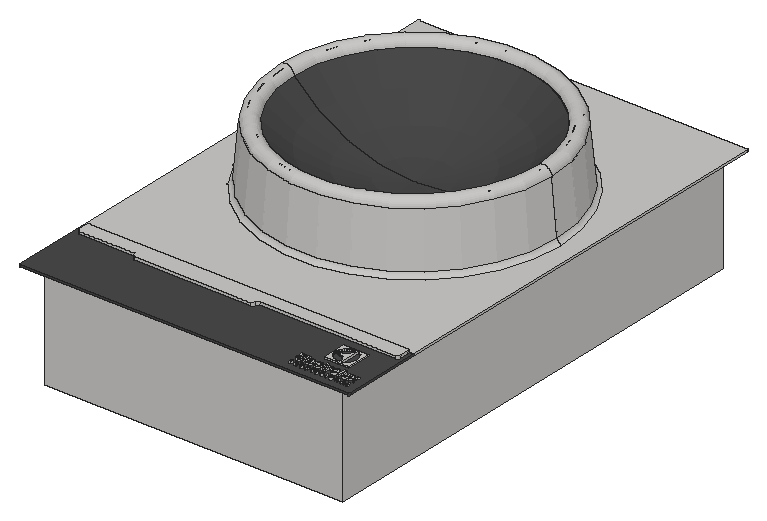
Revit family "QF_ELECTROLUXPROFESSIONAL_600884_E1HCDDOMCT", category Specialty Equipment, Revit 2018 (continued)
Definition of nested family "ELX_Logo_Professional"
  Forms (mm)
    Extrusion 2, solid
      sketch origin (-144.622, -1081.55, 0) x (-1, 0, 0) y (0, -1, 0)
        loop
          arc (-144.633, -1086.183) -> (-145.985, -1086.264) -> (-147.323, -1086.473) r 14.39
        loop
          line (-111.329, -1069.559) -> (-111.329, -1071.073) -> (-116.048, -1071.073) -> (-116.048, -1072.896) -> (-111.328, -1072.896) -> (-111.328, -1075.549) -> (-116.349, -1075.549) -> (-116.349, -1077.368) -> (-109.396, -1077.368) -> (-109.396, -1073.46) -> (-109.396, -1069.659)
          arc (-109.396, -1069.659) -> (-110.425, -1067.175) -> (-112.909, -1066.146) r 3.513
          line (-112.909, -1066.146) -> (-116.483, -1066.146) -> (-116.483, -1067.963) -> (-112.925, -1067.963)
          arc (-112.925, -1067.963) -> (-111.797, -1068.431) -> (-111.329, -1069.559) r 1.596
        loop
          line (-119.79, -1077.358) -> (-117.856, -1077.358) -> (-117.856, -1072.053) -> (-117.856, -1066.132) -> (-119.79, -1066.132) -> (-119.79, -1072.092) -> (-119.79, -1077.358)
        loop
          line (-122.986, -1069.718) -> (-129.327, -1069.718)
          arc (-129.327, -1069.718) -> (-129.219, -1071.449) -> (-128.497, -1073.026) r 4.757
          arc (-128.497, -1073.026) -> (-125.237, -1074.5) -> (-121.978, -1073.026) r 4.34
          arc (-121.978, -1073.026) -> (-121.072, -1070.207) -> (-121.978, -1067.388) r 4.838
          arc (-121.978, -1067.388) -> (-125.393, -1065.933) -> (-128.809, -1067.388) r 4.737
          line (-128.809, -1067.388) -> (-127.645, -1068.52)
          arc (-127.645, -1068.52) -> (-125.509, -1067.576) -> (-123.374, -1068.52) r 2.888
          arc (-123.374, -1068.52) -> (-123.05, -1069.077) -> (-122.986, -1069.718) r 1.527
        loop
          arc (-127.386, -1071.076) -> (-126.67, -1072.331) -> (-125.331, -1072.872) r 2.201
          arc (-125.331, -1072.872) -> (-123.848, -1072.402) -> (-123.033, -1071.076) r 2.23
          line (-123.033, -1071.076) -> (-127.386, -1071.076)
        loop
          line (-136.862, -1071.886) -> (-138.059, -1073.132)
          arc (-138.059, -1073.132) -> (-130.327, -1070.219) -> (-138.059, -1067.306) r 4.415
          line (-138.059, -1067.306) -> (-136.862, -1068.553)
          arc (-136.862, -1068.553) -> (-132.252, -1070.22) -> (-136.862, -1071.886) r 2.606
        loop
          line (-141.192, -1069.673) -> (-141.192, -1072.494) -> (-142.951, -1072.494) -> (-142.951, -1074.25) -> (-141.195, -1074.25) -> (-141.195, -1077.358) -> (-139.262, -1077.358) -> (-139.262, -1073.332) -> (-139.262, -1069.514)
          arc (-139.262, -1069.514) -> (-140.299, -1066.92) -> (-142.98, -1066.132) r 3.196
          line (-142.98, -1066.132) -> (-142.987, -1067.949)
          arc (-142.987, -1067.949) -> (-141.652, -1068.356) -> (-141.192, -1069.673) r 1.542
        loop
          line (-146.494, -1073.042) -> (-146.494, -1074.25) -> (-144.576, -1074.25) -> (-144.576, -1070.271) -> (-144.576, -1066.132) -> (-146.494, -1066.132) -> (-146.494, -1070.401)
          arc (-146.494, -1070.401) -> (-147.446, -1072.228) -> (-149.489, -1072.494) r 2.229
          line (-149.489, -1072.494) -> (-149.489, -1074.362)
          arc (-149.489, -1074.362) -> (-147.761, -1074.226) -> (-146.494, -1073.042) r 2.627
        loop
          line (-159.833, -1072.246) -> (-159.833, -1066.131) -> (-161.767, -1066.131) -> (-161.767, -1072.17) -> (-161.767, -1077.359) -> (-159.833, -1077.359) -> (-159.833, -1072.246)
        loop
          line (-165.194, -1069.514) -> (-165.194, -1074.25) -> (-163.245, -1074.25) -> (-163.245, -1071.898) -> (-163.245, -1069.098)
          arc (-163.245, -1069.098) -> (-166.96, -1065.769) -> (-170.687, -1069.085) r 3.745
          line (-170.687, -1069.085) -> (-170.687, -1071.898) -> (-170.687, -1074.25) -> (-168.739, -1074.25) -> (-168.739, -1069.514)
          arc (-168.739, -1069.514) -> (-166.967, -1067.742) -> (-165.194, -1069.514) r 1.772
        loop
          line (-174.654, -1070.416) -> (-172.975, -1068.078) -> (-171.578, -1066.131) -> (-173.656, -1066.131) -> (-175.717, -1068.999) -> (-177.779, -1066.131) -> (-179.857, -1066.131) -> (-178, -1068.728) -> (-176.781, -1070.433) -> (-178.29, -1072.488) -> (-179.583, -1074.25) -> (-177.473, -1074.25) -> (-175.717, -1071.818) -> (-173.945, -1074.25) -> (-171.852, -1074.25) -> (-173.052, -1072.608) -> (-174.654, -1070.416)
        loop
          circle (-154.223, -1070.188) r 2.508
        loop
          circle (-154.223, -1070.188) r 4.42
        loop
          line (-110.224, -1058.542) -> (-111.194, -1058.542)
          arc (-111.194, -1058.542) -> (-112.217, -1059.95) -> (-110.924, -1061.114) r 1.3
          line (-110.924, -1061.114) -> (-109.424, -1061.114) -> (-109.424, -1057.223) -> (-110.224, -1057.223) -> (-110.224, -1058.542)
        loop
          line (-110.224, -1060.379) -> (-110.224, -1059.293) -> (-111.03, -1059.293)
          arc (-111.03, -1059.293) -> (-111.43, -1059.836) -> (-111.03, -1060.379) r 0.569
          line (-111.03, -1060.379) -> (-110.224, -1060.379)
        loop
          line (-116.302, -1058.564) -> (-117.128, -1058.564) -> (-117.934, -1057.223) -> (-118.841, -1057.223) -> (-117.833, -1058.884)
          arc (-117.833, -1058.884) -> (-118.214, -1060.282) -> (-117.028, -1061.114) r 1.26
          line (-117.028, -1061.114) -> (-115.503, -1061.114) -> (-115.503, -1057.223) -> (-116.302, -1057.223) -> (-116.302, -1058.564)
        loop
          line (-116.302, -1060.379) -> (-116.302, -1059.293) -> (-117.109, -1059.293)
          arc (-117.109, -1059.293) -> (-117.508, -1059.836) -> (-117.109, -1060.379) r 0.569
          line (-117.109, -1060.379) -> (-116.302, -1060.379)
        loop
          line (-128.923, -1057.223) -> (-129.723, -1057.223) -> (-129.723, -1058.714) -> (-131.187, -1058.714) -> (-131.187, -1059.514) -> (-129.723, -1059.514) -> (-129.723, -1060.314) -> (-131.327, -1060.314) -> (-131.327, -1061.114) -> (-128.923, -1061.114) -> (-128.923, -1057.223)
        loop
          arc (-134.628, -1058.469) -> (-134.992, -1057.588) -> (-135.874, -1057.223) r 1.246
          line (-135.874, -1057.223) -> (-137.13, -1057.223) -> (-137.13, -1058.023) -> (-135.969, -1058.023)
          arc (-135.969, -1058.023) -> (-135.53, -1058.237) -> (-135.427, -1058.714) r 0.558
          line (-135.427, -1058.714) -> (-136.984, -1058.714) -> (-136.984, -1059.514) -> (-135.427, -1059.514) -> (-135.427, -1060.314) -> (-137.092, -1060.314) -> (-137.092, -1061.114) -> (-134.628, -1061.114) -> (-134.628, -1058.469)
        loop
          line (-152.3, -1057.223) -> (-153.1, -1057.223) -> (-153.1, -1061.114) -> (-152.3, -1061.114) -> (-152.3, -1057.223)
        loop
          line (-164.67, -1057.223) -> (-164.67, -1059.67) -> (-166.45, -1057.223) -> (-167.25, -1057.223) -> (-167.25, -1061.114) -> (-166.42, -1061.114) -> (-166.42, -1058.594) -> (-164.64, -1061.114) -> (-163.84, -1061.114) -> (-163.84, -1057.223) -> (-164.67, -1057.223)
        loop
          line (-170.403, -1057.223) -> (-171.262, -1057.223) -> (-171.641, -1058.063) -> (-173.08, -1058.063) -> (-173.459, -1057.223) -> (-174.317, -1057.223) -> (-172.796, -1061.113) -> (-171.996, -1061.113) -> (-170.403, -1057.223)
        loop
          line (-177.493, -1057.223) -> (-179.789, -1057.223) -> (-179.789, -1058.023) -> (-178.293, -1058.023) -> (-178.293, -1061.114) -> (-177.493, -1061.114) -> (-177.493, -1057.223)
        loop
          line (-172.362, -1059.848) -> (-171.945, -1058.83) -> (-172.76, -1058.83) -> (-172.362, -1059.848)
        loop
          circle (-158.484, -1059.145) r 1.288
        loop
          circle (-158.484, -1059.145) r 2.065
        loop
          arc (-146.04, -1058.095) -> (-146.933, -1057.275) -> (-148.145, -1057.245) r 1.725
          arc (-148.145, -1057.245) -> (-148.965, -1058.02) -> (-148.68, -1059.111) r 1.107
          arc (-148.68, -1059.111) -> (-148.103, -1059.465) -> (-147.486, -1059.746) r 5.523
          arc (-147.486, -1059.746) -> (-147.147, -1060.262) -> (-147.708, -1060.52) r 0.407
          arc (-147.708, -1060.52) -> (-148.045, -1060.315) -> (-148.325, -1060.038) r 1.702
          line (-148.325, -1060.038) -> (-149.011, -1060.45)
          arc (-149.011, -1060.45) -> (-148.578, -1060.911) -> (-148.043, -1061.247) r 2.463
          arc (-148.043, -1061.247) -> (-146.373, -1060.466) -> (-147.42, -1058.949) r 1.207
          spline (-147.42, -1058.949) -> (-147.716, -1058.809) -> (-147.932, -1058.678) -> (-148.077, -1058.557) -> (-148.163, -1058.446) -> (-148.198, -1058.347) -> (-148.192, -1058.258) -> (-148.157, -1058.182) -> (-148.102, -1058.118) -> (-148.037, -1058.068) -> (-147.972, -1058.031) -> (-147.917, -1058.008) -> (-147.883, -1058)
          arc (-147.883, -1058) -> (-147.238, -1058.014) -> (-146.759, -1058.446) r 0.925
          line (-146.759, -1058.446) -> (-146.04, -1058.095)
        loop
          arc (-140.18, -1058.095) -> (-141.073, -1057.275) -> (-142.285, -1057.245) r 1.725
          arc (-142.285, -1057.245) -> (-143.106, -1058.02) -> (-142.821, -1059.111) r 1.107
          arc (-142.821, -1059.111) -> (-142.243, -1059.465) -> (-141.627, -1059.746) r 5.523
          arc (-141.627, -1059.746) -> (-141.287, -1060.262) -> (-141.849, -1060.52) r 0.407
          arc (-141.849, -1060.52) -> (-142.185, -1060.315) -> (-142.466, -1060.038) r 1.702
          line (-142.466, -1060.038) -> (-143.151, -1060.45)
          arc (-143.151, -1060.45) -> (-142.719, -1060.911) -> (-142.183, -1061.247) r 2.463
          arc (-142.183, -1061.247) -> (-140.513, -1060.466) -> (-141.56, -1058.949) r 1.207
          spline (-141.56, -1058.949) -> (-141.856, -1058.809) -> (-142.072, -1058.678) -> (-142.218, -1058.557) -> (-142.303, -1058.446) -> (-142.338, -1058.347) -> (-142.333, -1058.258) -> (-142.298, -1058.182) -> (-142.242, -1058.118) -> (-142.177, -1058.068) -> (-142.112, -1058.031) -> (-142.057, -1058.008) -> (-142.023, -1058)
          arc (-142.023, -1058) -> (-141.378, -1058.014) -> (-140.9, -1058.446) r 0.925
          line (-140.9, -1058.446) -> (-140.18, -1058.095)
        loop
          circle (-123.484, -1059.145) r 1.288
        loop
          circle (-123.484, -1059.145) r 2.065
      from 0 to 1.6
  Dimensions and locks
    aligned and locked: plane 2 to Extrusion 1
    aligned and locked: level to Extrusion 1
Types (2, lengths in mm): name | Volts | URL | Manufacturer | Phase | Model | Item Number | Description | Cycle
  (no name) | 0 V | "" | "" | 0 | "" | "" | "" | 0 Hz
  Standard | 380 V | "http://professional.electrolux.com" | "Electrolux Professional" | 3 | "E1HCDDOMCT" | "600884" | "PLUG-IN INDUCTION WOK, DROP-IN - 3-PHASE" | 60 Hz
